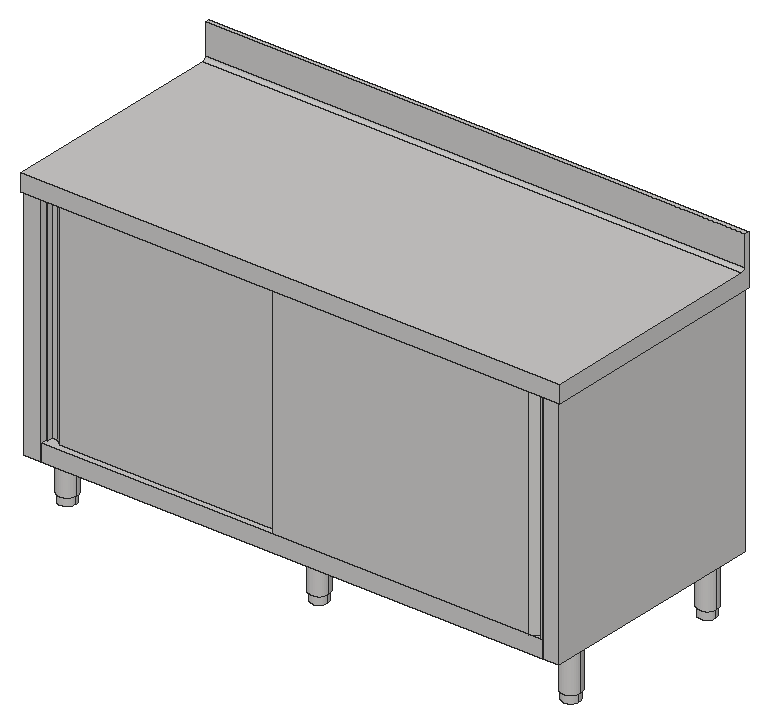
Revit family "QF_ELECTROLUXPROFESSIONAL_132779_MTN1610PN", category Attrezzature speciali, Revit 2020
Family settings
  Quota connettore circolare = Usa diametro
  Tipo di parte = Normale
  Basato su piano di lavoro = No
  Sempre verticale = Sì
  Taglio con vuoti quando caricato = No
  Condiviso = No
  Punto di calcolo locali = No
Parameters (values of type "Standard")
  Weight = 65.00 kg
  Watts = 0 W
  Volts = 0 V
  URL Manufacturer = "https://www.electroluxprofessional.com/"
  URL = "https://www.electroluxprofessional.com/"
  Steam Supply Size = 0 mm
  Steam Supply Minimum Pressure = 0.0 Pa
  Steam Supply Maximum Pressure = 0.0 Pa
  Steam Consumption per Hour = 0
  Refrigeration Suction Line Size = 0.0 mm
  Refrigeration Liquid Line Size = 0.0 mm
  Refrigerant Compressor Remote = yes
  Prospetto di default = 0.0 mm
  Produttore = "Electrolux Professional"
  Phase = 0
  Modello = "MTN1610PN"
  Length Actual = 1600.0 mm  # constant formula
  Item Number = "132779"
  Hot Water Size = 0 mm
  Height Actual = 1000.0 mm  # constant formula
  HP = "0 HP"
  Gas Size = 0 mm
  Gas KW = 0
  Gas Input Pressure = 0 W
  Direct Waste Size = 0 mm
  Descrizione = "WORKTOP CUPB+UPST+SHELF+SLIDING D.1600MM"
  Depth Actual = 700.0 mm  # constant formula
  Cycle = 0 Hz
  Condensate Return Size = 0 mm
  Compressed Air Volume = 0.0 L/s
  Compressed Air Size = 0 mm
  Compressed Air Pressure = 0.0 Pa
  Cold Water Size = 0 mm
  Accessory = yes
Reference planes
  plane 1 "Center (Front/Back)": y = 0
  plane 2: z = 0
  plane 3 "Center (Left/Right)": x = -300
  plane 4 "LEFT": x = -1100
  plane 5 "RIGHT": x = 500
  plane 6 "BACK": y = 350
  plane 7 "FRONT": y = -350
  plane 8 "Base": z = 850
  plane 9 "TOP": z = 900
  plane 10: x = -1046.9
  plane 11: x = 446.9
  plane 12: y = 264.5
  plane 13: y = -241.9
  plane 14 "BodyLeft": x = -1094.5
  plane 15 "BodyFront": y = -344.5
  plane 16 "BodyRight": x = 494.5
  plane 17 "BodyBack": y = 344.5
  plane 18 "FEET": z = 150
  plane 19: x = -244.5
  plane 20: x = -355.5
Forms (mm)
  Extrusion 1, solid, material "QF_Finishes_Stainless Steel"
    sketch origin (-300, 0, 0) x (0, 1, 0) y (0, 0, 1)
      loop
        line (-350, 850) -> (350, 850) -> (350, 1000) -> (337, 1000) -> (337, 910)
        arc (337, 910) -> (334.071, 902.929) -> (327, 900) r 10
        line (327, 900) -> (-350, 900) -> (-350, 850)
    from 800 to -800
  Extrusion 2, solid, material "QF_Finishes_Stainless Steel"
    sketch origin (0, 0, 150) x (-1, 0, 0) y (0, -1, 0)
      loop
        line (1094.5, -344.5) -> (1094.5, 344.5) -> (1044.5, 344.5) -> (1044.5, -344.5) -> (1094.5, -344.5)
      loop
        line (-444.5, -344.5) -> (-444.5, 344.5) -> (-494.5, 344.5) -> (-494.5, -344.5) -> (-444.5, -344.5)
    from 0 to 700
  Extrusion 3, solid, material "QF_Finishes_Stainless Steel"
    sketch origin (0, 0, 150) x (-1, 0, 0) y (0, -1, 0)
      loop
        line (1043.585, -344.5) -> (1043.585, 344.5) -> (-444.5, 344.5) -> (-444.5, -344.5) -> (1043.585, -344.5)
    from 0 to 50
  Extrusion 4, solid, material "QF_Finishes_Stainless Steel"
    sketch origin (0, 0, 150) x (-1, 0, 0) y (0, -1, 0)
      loop
        line (1043.585, -344.5) -> (1043.585, -294.5) -> (-444.5, -294.5) -> (-444.5, -344.5) -> (1043.585, -344.5)
    from 50 to 700
  Extrusion 5, solid, material "QF_Finishes_Stainless Steel"
    sketch origin (0, 0, 150) x (-1, 0, 0) y (0, -1, 0)
      loop
        line (-444.5, 344.5) -> (-444.5, 324.5) -> (355.5, 324.5) -> (355.5, 344.5) -> (-404.5, 344.5) -> (-424.5, 329.5) -> (-439.5, 329.5) -> (-439.5, 344.5) -> (-444.5, 344.5)
    from 50 to 700
  Extrusion 6, solid, material "QF_Finishes_Stainless Steel"
    sketch origin (0, 20, 150) x (1, 0, 0) y (0, 1, 0)
      loop
        line (-1044.5, -344.5) -> (-1039.5, -344.5) -> (-1039.5, -329.5) -> (-1024.5, -329.5) -> (-1004.5, -344.5) -> (-244.5, -344.5) -> (-244.5, -324.5) -> (-1044.5, -324.5) -> (-1044.5, -344.5)
    from 50 to 700
Lines and regions (mm)
  symbolic lines
    curve 1: line (500, 350, 900) -> (-1100, 350, 900)
    curve 2: line (-1100, 350, 900) -> (-1100, -350, 900)
    curve 3: line (-1100, -350, 900) -> (500, -350, 900)
    curve 4: line (500, -350, 900) -> (500, 350, 900)
    curve 5: line (-1100, 337, 900) -> (500, 337, 900)
  symbolic lines, style "SpecialityEquipmentHiddenLines"
    curve 6: line (-1094.5, -344.5, 150) -> (-1094.5, 344.5, 150)
    curve 7: line (-1094.5, 344.5, 150) -> (494.5, 344.5, 150)
    curve 8: line (494.5, 344.5, 150) -> (494.5, -344.5, 150)
    curve 9: line (494.5, -344.5, 150) -> (-1094.5, -344.5, 150)
    curve 10: line (-1044.5, -304.5, 150) -> (-244.5, -304.5, 150)
    curve 11: line (-244.5, -304.5, 150) -> (-244.5, -324.5, 150)
    curve 12: line (444.5, -324.5, 150) -> (-1044.5, -324.5, 150)
    curve 13: line (-1044.5, -324.5, 150) -> (-1044.5, -304.5, 150)
    curve 14: line (-355.5, -344.5, 150) -> (-355.5, -324.5, 150)
Dimensions and locks
  plane 4 "LEFT" to plane 5 "RIGHT" = 1600.0 mm
  equal spacing: plane 4 "LEFT", plane 3 "Center (Left/Right)", plane 5 "RIGHT"
  locked: plane 8 "Base" to level at 850
  locked: Extrusion 1 to level at 1000
  plane 9 "TOP" to level = 900.0 mm
  plane 6 "BACK" to plane 7 "FRONT" = 700.0 mm
  equal spacing: plane 6 "BACK", plane 1 "Center (Front/Back)", plane 7 "FRONT"
  locked: plane 4 "LEFT" to plane 14 "BodyLeft" at 5.5
  locked: plane 16 "BodyRight" to plane 5 "RIGHT" at 5.5
  locked: plane 15 "BodyFront" to plane 7 "FRONT" at 5.5
  locked: plane 6 "BACK" to plane 17 "BodyBack" at 5.5
  locked: plane 14 "BodyLeft" to plane 10 at 47.6
  locked: plane 11 to plane 16 "BodyRight" at 47.6
  locked: plane 13 to plane 15 "BodyFront" at 102.6
  locked: plane 17 "BodyBack" to plane 12 at 80
  plane 10 to plane 11 = 1493.8 mm
  plane 12 to plane 13 = 506.4 mm
  locked: plane 14 "BodyLeft" to Extrusion 2 sketch curve at 50
  locked: Extrusion 2 sketch curve to Extrusion 2 sketch curve at 50
  Extrusion 3 to Extrusion 4 sketch curve = 50.0 mm
  Extrusion 2 to plane 19 = 800.0 mm
  plane 20 to Extrusion 2 = 800.0 mm
  locked: plane 18 "FEET" to level at 150
  aligned and locked: level to plane 2
  aligned and locked: plane 10 to nested 1
  aligned and locked: nested 1 to plane 13
  aligned and locked: plane 11 to nested 2
  aligned and locked: nested 2 to plane 13
  aligned and locked: plane 11 to nested 4
  aligned and locked: nested 4 to plane 12
  aligned and locked: plane 10 to nested 3
  aligned and locked: nested 3 to plane 12
  aligned and locked: Extrusion 1 to plane 4 "LEFT"
  aligned and locked: plane 5 "RIGHT" to Extrusion 1
  aligned and locked: curve 2 to plane 4 "LEFT"
  aligned and locked: plane 17 "BodyBack" to Extrusion 2 sketch curve
  aligned and locked: Extrusion 2 sketch curve to plane 15 "BodyFront"
  aligned and locked: Extrusion 2 sketch curve to plane 14 "BodyLeft"
  aligned and locked: plane 16 "BodyRight" to Extrusion 2 sketch curve
  aligned and locked: Extrusion 2 sketch curve to plane 17 "BodyBack"
  aligned and locked: plane 15 "BodyFront" to Extrusion 2 sketch curve
  aligned and locked: Extrusion 3 sketch curve to plane 17 "BodyBack"
  aligned and locked: plane 15 "BodyFront" to Extrusion 3 sketch curve
  aligned and locked: plane 8 "Base" to Extrusion 2
  aligned and locked: plane 8 "Base" to Extrusion 5
  aligned and locked: Extrusion 5 to Extrusion 3
  aligned and locked: Extrusion 6 sketch curve to plane 19
  aligned and locked: Extrusion 5 sketch curve to plane 20
  aligned and locked: curve 7 to plane 17 "BodyBack"
  aligned and locked: Extrusion 2 to plane 14 "BodyLeft"
  aligned and locked: plane 16 "BodyRight" to curve 8
  aligned and locked: plane 15 "BodyFront" to curve 9
  aligned and locked: plane 3 "Center (Left/Right)" to nested 5
  aligned and locked: plane 3 "Center (Left/Right)" to nested 6
Automatic sketch dimensions
  curve 3 to plane 7 "FRONT" = 0.0 mm
  curve 5 to plane 5 "RIGHT" = 0.0 mm
  curve 4 to plane 6 "BACK" = 0.0 mm
  curve 5 to plane 17 "BodyBack" = 7.5 mm
  Extrusion 1 sketch curve to plane 7 "FRONT" = 0.0 mm
  Extrusion 1 sketch curve to plane 9 "TOP" = 0.0 mm
  Extrusion 1 sketch curve to plane 6 "BACK" = 0.0 mm
  Extrusion 1 sketch curve to plane 8 "Base" = 0.0 mm
  Extrusion 1 sketch curve to plane 17 "BodyBack" = 17.5 mm
  Extrusion 1 sketch curve to plane 17 "BodyBack" = 7.5 mm
  Extrusion 1 sketch curve to Extrusion 1 sketch curve = 90.0 mm
  Extrusion 5 sketch curve to plane 15 "BodyFront" = 0.0 mm  (x2)
  Extrusion 5 sketch curve to plane 11 = 2.4 mm
  Extrusion 5 sketch curve to Extrusion 5 sketch curve = 5.0 mm
  Extrusion 5 sketch curve to Extrusion 5 sketch curve = 15.0 mm
  Extrusion 5 sketch curve to Extrusion 5 sketch curve = 20.0 mm
  plane 15 "BodyFront" to Extrusion 5 sketch curve = 15.0 mm
  plane 15 "BodyFront" to Extrusion 5 sketch curve = 20.0 mm
  Extrusion 6 sketch curve to plane 15 "BodyFront" = 20.0 mm  (x2)
  Extrusion 6 sketch curve to plane 10 = 2.4 mm
  Extrusion 6 sketch curve to Extrusion 6 sketch curve = 5.0 mm
  Extrusion 6 sketch curve to Extrusion 6 sketch curve = 15.0 mm
  Extrusion 6 sketch curve to Extrusion 6 sketch curve = 20.0 mm  (x2)
  Extrusion 6 sketch curve to plane 15 "BodyFront" = 35.0 mm
  Extrusion 3 sketch curve to plane 11 = 2.4 mm
  plane 10 to Extrusion 3 sketch curve = 3.315 mm
  Extrusion 4 sketch curve to plane 11 = 2.4 mm
  plane 10 to Extrusion 4 sketch curve = 3.315 mm
  curve 10 to plane 19 = 0.0 mm
  curve 14 to plane 20 = 0.0 mm
  curve 7 to plane 14 "BodyLeft" = 0.0 mm
  plane 10 to curve 13 = 2.4 mm
  curve 10 to curve 13 = 20.0 mm
  curve 12 to plane 11 = 2.4 mm
  plane 15 "BodyFront" to curve 14 = 20.0 mm
Nested families
  nested 1: "FEET_D58-150" at (-1046.9, -241.9, 0), type "FEET_D58-150"
  nested 2: "FEET_D58-150" at (446.9, -241.9, 0), type "FEET_D58-150"
  nested 3: "FEET_D58-150" at (-1046.9, 264.5, 0), type "FEET_D58-150"
  nested 4: "FEET_D58-150" at (446.9, 264.5, 0), type "FEET_D58-150"
  nested 5: "FEET_D58-150" at (-300, -241.9, 0), type "FEET_D58-150"
  nested 6: "FEET_D58-150" at (-300, 264.5, 0), type "FEET_D58-150"
Definition of nested family "FEET_D58-150"
  Parameters
    Default Elevation = 0.0 mm
    FEET = 150.0 mm
  Reference planes
    plane 1 "Center (Front/Back)": y = 0
    plane 2: z = 0
    plane 3 "Center (Left/Right)": x = 0
    plane 4: z = 150
  Forms (mm)
    Extrusion 1, solid
      sketch origin (0, 0, 0) x (1, 0, 0) y (0, 1, 0)
        loop
          circle (0, 0) r 25
      from 0 to 25
    Extrusion 2, solid
      sketch origin (0, 0, 0) x (1, 0, 0) y (0, 1, 0)
        loop
          circle (0.061, 0) r 29
      from 25 to 150 <- "FEET"
  Lines and regions (mm)
    symbolic lines
      curve 1: line (0, -1.503, 0) -> (0, 1.508, 0)
      curve 2: line (1.561, 0, 0) -> (-1.439, 0, 0)
  Dimensions and locks
    "FEET": plane 4 to plane 2
    aligned and locked: level to plane 2
  Automatic sketch dimensions
    plane 1 "Center (Front/Back)" to Extrusion 1 sketch curve = 0.0 mm
    Extrusion 1 sketch curve to plane 3 "Center (Left/Right)" = 0.0 mm
    plane 1 "Center (Front/Back)" to curve 2 = 0.0 mm
    curve 1 to plane 3 "Center (Left/Right)" = 0.0 mm
    curve 2 to plane 3 "Center (Left/Right)" = 1.439 mm
    plane 3 "Center (Left/Right)" to curve 2 = 1.561 mm
    plane 1 "Center (Front/Back)" to curve 1 = 1.503 mm
    curve 1 to plane 1 "Center (Front/Back)" = 1.508 mm
    plane 1 "Center (Front/Back)" to Extrusion 2 sketch curve = 0.0 mm
    plane 3 "Center (Left/Right)" to Extrusion 2 sketch curve = 0.061 mm
    radius of Extrusion 1 sketch curve = 25.0 mm
    radius of Extrusion 2 sketch curve = 29.0 mm
